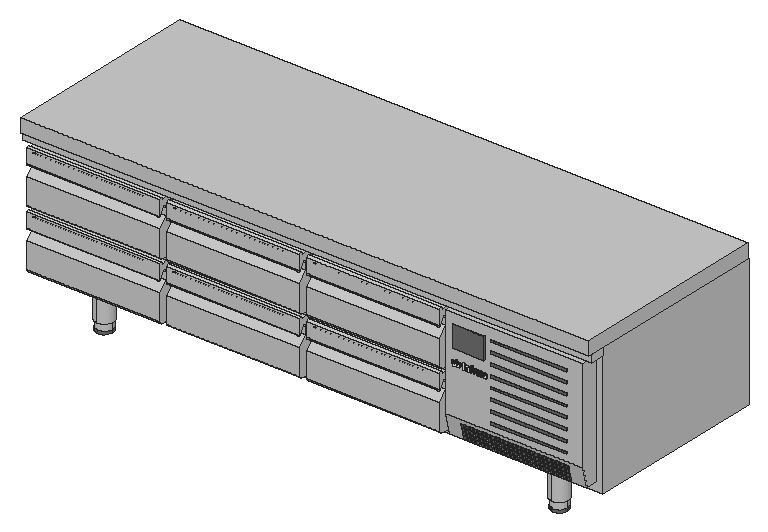
Revit family "QF_INFRICO_MSG2000_250814084959", category Specialty Equipment, Revit 2021 (continued)
Definition of nested family "QF_INFRICO_JCAJ17MSG1-2_6591"
  Lines and regions (mm)
    symbolic lines, visible <- "Show Clearance"
      curve 9: line (0, -274.5, 0) -> (467, -274.5, 0)
      curve 10: line (467, -234.5, 0) -> (467, -274.5, 0)
      curve 11: line (437, -274.5, 0) -> (437, -447.01, 0)
      curve 12: line (30, -274.5, 0) -> (30, -447.01, 0)
  Dimensions and locks
    plane 6 "Top" to level = 398.04 mm  (x2)
    plane 1 "Back" to plane 5 "Front" = 487.01 mm  (x2)
    plane 4 "Right" to plane 3 "Left" = 467 mm
    aligned and locked: level to plane 2
Definition of nested family "QF_INFRICO_WORKTOP_7416"
  Parameters (values of type "WRKT20_30")
    Weight [instance] = 0.00 kg
    Warranty Start Date [instance] = ""
    Warranty Duration [instance] = ""
    URL Cutsheet [instance] = ""
    URL = "www.infrico.com"
    Technical Documentation [instance] = ""
    Tag Number [instance] = ""
    Status [instance] = ""
    Specification by User [instance] = ""
    Specification by Manufacturer [instance] = ""
    Sound Level [instance] = ""
    Solid Fuel Type [instance] = ""
    Show Logo [instance] = yes
    Show Clearances [instance] = yes
    Show Clearance [instance] = yes
    Service Life Duration [instance] = ""
    Serial Number [instance] = ""
    Seismic Rating [instance] = ""
    SMACNA No [instance] = ""
    Revision Code [instance] = ""
    Revision [instance] = ""
    Production Year [instance] = ""
    Point Load [instance] = 0
    Other Equipment Approvals [instance] = ""
    NAFEM Spec ID Number [instance] = ""
    Model Warning [instance] = ""
    Model = "WRKT20_30"
    Masterspec [instance] = ""
    Manufacturer = "INFRICO"
    Length Actual [instance] = 0 mm
    Length = 1960 mm
    Item Number [instance] = ""
    Installed By [instance] = ""
    Installation Date [instance] = ""
    Identify Quantity as Lot [instance] = yes
    ID [instance] = ""
    Hygiene Approval [instance] = ""
    Height Actual [instance] = 0 mm
    Furnished By [instance] = ""
    Foodservice Equipment Identifier [instance] = yes
    ETL Approved [instance] = yes
    Description = "WORKTOP WHITOUT BACKSPLASH 2000_300"
    Depth Actual [instance] = 0 mm
    Depth = 300 mm
    Default Elevation = 0 mm
    CSI MasterFormat [instance] = ""
    CE Approved [instance] = yes
    Barcode [instance] = ""
    Author [instance] = ""
    Asset Identifier [instance] = ""
    Assembly Code = "E1090320"
    Accessory [instance] = yes
  Types (38, lengths in mm): name | Model | Length | Description | Depth
    ENC12SPGN19 | "ENC12SPGN19" | 1960 | "WORKTOP WITHOUT BACKSPLASH" | 700
    ENC12SPGN14 | "ENC12SPGN14" | 1468 | "WORKTOP WITHOUT BACKSPLASH" | 700
    ENC12SPGN24 | "ENC12SPGN24" | 2452 | "WORKTOP WITHOUT BACKSPLASH" | 700
    ENC12SPGN14R | "ENC12SPGN14R" | 1160 | "WORKTOP WITHOUT BACKSPLASH" | 700
    ENC12SPGN19R | "ENC12SPGN19R" | 1652 | "WORKTOP WITHOUT BACKSPLASH" | 700
    ENC12SPGN24R | "ENC12SPGN24R" | 2144 | "WORKTOP WITHOUT BACKSPLASH" | 700
    ENC12SPBM20 | "ENC12SPBM20" | 1960 | "WORKTOP WITHOUT BACKSPLASH" | 600
    ENC12SPBM15 | "ENC12SPBM15" | 1468 | "WORKTOP WITHOUT BACKSPLASH" | 600
    ENC12SPBM25 | "ENC12SPBM25" | 2452 | "WORKTOP WITHOUT BACKSPLASH" | 600
    ENC12SPBM15R | "ENC12SPBM15R" | 1160 | "WORKTOP WITHOUT BACKSPLASH" | 600
    ENC12SPBM20R | "ENC12SPBM20R" | 1652 | "WORKTOP WITHOUT BACKSPLASH" | 600
    ENC12SPMR16 | "ENC12SPMR16" | 1618 | "WORKTOP WITHOUT BACKSPLASH" | 800
    ENC12SPMR21 | "ENC12SPMR21" | 2185 | "WORKTOP WITHOUT BACKSPLASH" | 800
    ENC12SPMR27 | "ENC12SPMR27" | 2752 | "WORKTOP WITHOUT BACKSPLASH" | 800
    ENC12SPMR16R | "ENC12SPMR16R" | 1310 | "WORKTOP WITHOUT BACKSPLASH" | 800
    ENC12SPMR21R | "ENC12SPMR21R" | 1877 | "WORKTOP WITHOUT BACKSPLASH" | 800
    ENC12SPMR27R | "ENC12SPMR27R" | 2444 | "WORKTOP WITHOUT BACKSPLASH" | 800
    ENC12SPBM25R | "ENC12SPBM25R" | 2144 | "WORKTOP WITHOUT BACKSPLASH" | 600
    ENC12SPMS20 | "ENC12SPMS20" | 2000 | "WORKTOP WITHOUT BACKSPLASH" | 700
    ENC12SPMS24 | "ENC12SPMS24" | 2400 | "WORKTOP WITHOUT BACKSPLASH" | 700
    ENC12SPMS10 | "ENC12SPMS10" | 1000 | "WORKTOP WITHOUT BACKSPLASH" | 700
    ENC12SPMS14 | "ENC12SPMS14" | 1400 | "WORKTOP WITHOUT BACKSPLASH" | 700
    ENC12SPMS16 | "ENC12SPMS16" | 1600 | "WORKTOP WITHOUT BACKSPLASH" | 700
    ENC12SPME10 | "ENC12SPME10" | 978 | "WORKTOP WITHOUT BACKSPLASH" | 700
    ENC12SPME14 | "ENC12SPME14" | 1460 | "WORKTOP WITHOUT BACKSPLASH" | 700
    WRKT10_30 | "WRKT10_30" | 1000 | "WORKTOP WHITOUT BACKSPLASH 1000_300" | 300
    WRKT10_60 | "WRKT10_60" | 1000 | "WORKTOP WHITOUT BACKSPLASH 1000_600" | 600
    WRKT15_30 | "WRKT15_30" | 1468 | "WORKTOP WHITOUT BACKSPLASH 1500_300" | 300
    WRKT15_60 | "WRKT15_60" | 1468 | "WORKTOP WHITOUT BACKSPLASH 1500_600" | 600
    WRKT20_30 | "WRKT20_30" | 1960 | "WORKTOP WHITOUT BACKSPLASH 2000_300" | 300
    WRKT20_60 | "WRKT20_60" | 1960 | "WORKTOP WHITOUT BACKSPLASH 2000_600" | 600
    WRKT25_30 | "WRKT25_30" | 2452 | "WORKTOP WHITOUT BACKSPLASH 2500_300" | 300
    WRKT25_60 | "WRKT25_60" | 2452 | "WORKTOP WHITOUT BACKSPLASH 2500_600" | 600
    WRKT15_60_MT | "WRKT15_60_MT" | 1500 | "WORKTOP WHITOUT BACKSPLASH 1500_600" | 600
    WRKT15_70_MT | "WRKT15_70_MT" | 1500 | "WORKTOP WHITOUT BACKSPLASH 1500_700" | 700
    WRKT20_70_MT | "WRKT20_70_MT" | 2000 | "WORKTOP WHITOUT BACKSPLASH 2000_700" | 700
    WRKT20_60_MT | "WRKT20_60_MT" | 2000 | "WORKTOP WHITOUT BACKSPLASH 2000_600" | 600
    WRKT10_70_MT | "WRKT10_70_MT" | 1000 | "WORKTOP WHITOUT BACKSPLASH 1000_700" | 700
  Reference planes
    plane 1 "Back": y = 0
    plane 2: z = 0
    plane 3 "Left": x = 0
    plane 4 "Right": x = 1960
    plane 5 "Front": y = -300
    plane 6 "Top": z = 50
  Forms (mm)
    Extrusion 1, solid
      sketch origin (0, 0, -800) x (0, 1, 0) y (0, 0, 1)
        loop
          line (0, 850) -> (-300, 850) -> (-300, 800) -> (0, 800) -> (0, 850)
      from 0 to 1960
  Lines and regions (mm)
    symbolic lines
      curve 1: line (1960, 0, 0) -> (0, 0, 0)
      curve 2: line (0, 0, 0) -> (0, -300, 0)
      curve 3: line (0, -300, 0) -> (1960, -300, 0)
      curve 4: line (1960, -300, 0) -> (1960, 0, 0)
  Dimensions and locks
    plane 4 "Right" to plane 3 "Left" = 1960 mm
    plane 6 "Top" to level = 50 mm
    plane 1 "Back" to plane 5 "Front" = 300 mm
    "Length": plane 3 "Left" to plane 4 "Right"
    "Depth": plane 1 "Back" to plane 5 "Front"
    aligned and locked: level to plane 2
    aligned and locked: Extrusion 1 to plane 4 "Right"
  Automatic sketch dimensions
    plane 1 "Back" to curve 1 = 0 mm
    curve 1 to plane 3 "Left" = 0 mm
    curve 3 to plane 4 "Right" = 0 mm
    curve 3 to plane 5 "Front" = 0 mm
    Extrusion 1 sketch curve to plane 5 "Front" = 0 mm
    Extrusion 1 sketch curve to level = 0 mm
    Extrusion 1 sketch curve to plane 1 "Back" = 0 mm
    Extrusion 1 sketch curve to plane 6 "Top" = 0 mm
Definition of nested family "CONN_POINT_DRAIN_2D___Generic_Annotation"
  Parameters (values of type "CONN_POINT_DRAIN_2D___Generic_Annotation")
    Onboard connection annotation symbol visibility [instance] = yes
  Reference planes
    plane 1: y = 0
    plane 2: x = 0
  Lines and regions (mm)
    detail lines, visible <- "Onboard connection annotation symbol visibility"
      curve 1: circle (0, 0, 0) r 0.5 normal (0, 0, 1)
      curve 2: line (-1, 0, 0) -> (1, 0, 0)
      curve 3: line (0, 1, 0) -> (0, -1, 0)
      curve 4: line (1.776, 1, 0) -> (1.25, 1, 0)
      curve 5: line (1.25, 1, 0) -> (1.25, -1, 0)
      curve 6: line (1.25, -1, 0) -> (1.776, -1, 0)
      curve 7: arc (2.206, -0.862, 0) -> (2.459, -0.589, 0) -> (2.583, -0.238, 0) r 0.918
      curve 8: arc (2.583, 0.238, 0) -> (2.459, 0.589, 0) -> (2.206, 0.862, 0) r 0.918
      curve 9: arc (2.583, -0.238, 0) -> (2.599, 0, 0) -> (2.583, 0.238, 0) r 1.77
      curve 10: arc (2.206, 0.862, 0) -> (2.002, 0.965, 0) -> (1.776, 1, 0) r 0.741
      curve 11: arc (1.776, -1, 0) -> (2.002, -0.965, 0) -> (2.206, -0.862, 0) r 0.741
Definition of nested family "CONN_POINT_ELE_2D___Generic_Annotation"
  Parameters (values of type "CONN_POINT_ELE_2D___Generic_Annotation")
    Onboard connection annotation symbol visibility [instance] = yes
  Reference planes
    plane 1: y = 0
    plane 2: x = 0
  Lines and regions (mm)
    detail lines, visible <- "Onboard connection annotation symbol visibility"
      curve 1: circle (0, 0, 0) r 0.5 normal (0, 0, 1)
      curve 2: line (-1, 0, 0) -> (1, 0, 0)
      curve 3: line (0, 1, 0) -> (0, -1, 0)
      curve 4: line (2.5, 1, 0) -> (1.25, 1, 0)
      curve 5: line (1.25, 1, 0) -> (1.25, -1, 0)
      curve 6: line (1.25, -1, 0) -> (2.5, -1, 0)
      curve 7: line (1.25, 0, 0) -> (2, 0, 0)
